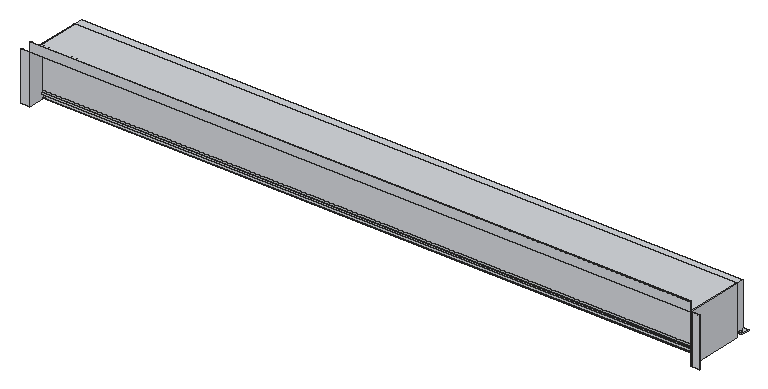
Revit family "EOS3.0-R-P", category Lighting Fixtures, host Face, Revit 2018
Family settings
  Host = Face
  Round Connector Dimension = Use Diameter
  Part Type = Normal
  Cut with Voids When Loaded = No
  Light Source = Yes
  Shared = Yes
  Room Calculation Point = Yes
Parameters (values of type "4' Direct")
  Wattage = 17.6471 W
  built-in parameter 1150110 = 1 (stored number, unit not read)
  Voltage = 0 V
  built-in parameter 1114217 = 1 (stored number, unit not read)
  built-in parameter 1150109 = 1 (stored number, unit not read)
  built-in parameter 1150134 = 12
  Switch Leg Visibility = yes
  Switch Leg [instance] = ""
  built-in parameter 1150113 = 1 (stored number, unit not read)
  Regress = 0' - 1"
  Material [instance] = LUX ILLUMINAIRE White
  built-in parameter 1150105 = 477.46 (stored number, unit not read)
  Lumens = 1500 lm
  built-in parameter 1150115 = 1 (stored number, unit not read)
  Light Source Symbol Size = 2' - 0"
  built-in parameter 1150137 = (empty or 0)
  built-in parameter 1150139 = (empty or 0)
  built-in parameter 1150112 = 1 (stored number, unit not read)
  built-in parameter 1150114 = 1 (stored number, unit not read)
  Lamp = "LED"
  built-in parameter 1150132 = 2
  built-in parameter 1150102 = (empty or 0)
  built-in parameter 1150107 = 4000 (stored number, unit not read)
  built-in parameter 1150138 = (empty or 0)
  built-in parameter 1150106 = 4.7746 (stored number, unit not read)
  Fixture Width = 0' - 3 19/128"  # constant formula
  Fixture Symbol Visiblity = yes
  Fixture Length = 3' - 11.99869"
  Fixture Height = 0' 3 11/16" + Regress  # 0' - 4 11/16"
  End Cap Right [instance] = yes
  End Cap Left [instance] = yes
  Emit from Rectangle Width = Fixture Width - 0' 0 1/4"  # 0' - 2 115/128"
  Emit from Rectangle Length = Fixture Length  # 3' - 11.99869"
  Emit Shape Visible in Rendering = yes
  Emergency Lighting [instance] = no
  built-in parameter 1150104 = 7.8968 (stored number, unit not read)
  Dimming Lamp Color Temperature Shift = <None>
  Default Elevation = 7' - 0"
  Color Filter = 16777215
  built-in parameter 1140040 [instance] = 1
  built-in parameter 1114218 = 1 (stored number, unit not read)
  built-in parameter 1150133 = 10 (stored number, unit not read)
  Apparent Load = 14.6 VA
Types (6): name | Wattage | built-in parameter 1150105 | Lumens | built-in parameter 1150106 | Fixture Length | Emit from Rectangle Length | Apparent Load
  3' Direct | 13.2353 W | 358.1 (stored number, unit not read) | 1125 lm | 3.581 (stored number, unit not read) | 3' - 0" | 3' - 0" | 11 VA
  4' Direct | 17.6471 W | 477.46 (stored number, unit not read) | 1500 lm | 4.7746 (stored number, unit not read) | 3' - 11.99869" | 3' - 11.99869" | 14.6 VA
  5' Direct | 22.0588 W | 596.83 (stored number, unit not read) | 1875 lm | 5.9683 (stored number, unit not read) | 5' - 0" | 5' - 0" | 18.2 VA
  6' Direct | 26.4706 W | 716.2 (stored number, unit not read) | 2250 lm | 7.162 (stored number, unit not read) | 6' - 0" | 6' - 0" | 21.9 VA
  7' Direct | 30.8824 W | 835.56 (stored number, unit not read) | 2625 lm | 8.3556 (stored number, unit not read) | 7' - 0" | 7' - 0" | 25.5 VA
  8' Direct | 35.2941 W | 954.93 (stored number, unit not read) | 3000 lm | 9.5493 (stored number, unit not read) | 8' - 0" | 8' - 0" | 29.2 VA
Reference planes (in)
  plane 1 "Center (Front/Back)": y = 0
  plane 2: z = 0
  plane 3 "Center (Left/Right)": x = 0
  plane 4: x = 23.99935
  plane 5: x = -23.99935
  plane 6: z = 1
  plane 7: x = 24.25261
  plane 8: x = -24.25065
  plane 9: z = 3.14844
  plane 10 "Fixture Height": y = 4.6875
  plane 11 "Center L/S": y = 1
Forms (in)
  Extrusion 1, solid, not visible
    sketch origin (0, 0, 0) x (1, 0, 0) y (0, 1, 0)
      loop
        circle (0.00029, -24) r 0.1875
    from 0 to 1
  Extrusion 2, solid, not visible
    sketch origin (0, 0, 0) x (1, 0, 0) y (0, 1, 0)
      loop
        circle (0.0005, -24) r 0.03125
    from 1 to 13.33203
  Extrusion 3, solid, not visible
    sketch origin (0, 0, 0) x (1, 0, 0) y (0, 1, 0)
      loop
        circle (0.0005, -24) r 0.18729
    from 13.33203 to 14.08203
  Extrusion 4, solid
    sketch origin (0, 0.04726, -0.00154) x (0, 1, 0) y (0, 0, 1)
      loop
        line (0.95274, 3.52498) -> (0.95274, 3.44501) -> (1.0386, 3.44499) -> (1.02063, 3.29342) -> (1.02063, 0.61759) -> (1.03865, 0.46499) -> (0.95274, 0.46499) -> (0.95274, 0.38499) -> (1.10973, 0.38499) -> (1.10973, 0.03)
        arc (1.10973, 0.03) -> (1.11851, 0.00879) -> (1.13973, 0) r 0.03
        line (1.13973, 0) -> (2.97267, 0)
        arc (2.97267, 0) -> (3.04053, 0.0281) -> (3.06867, 0.09594) r 0.096
        line (3.06867, 0.09594) -> (3.06867, 0.289)
        arc (3.06867, 0.289) -> (3.08273, 0.32294) -> (3.11667, 0.337) r 0.048
        line (3.11667, 0.337) -> (4.48733, 0.337)
        arc (4.48733, 0.337) -> (4.52127, 0.32294) -> (4.53533, 0.289) r 0.048
        line (4.53533, 0.289) -> (4.53533, 0.09609)
        arc (4.53533, 0.09609) -> (4.56341, 0.02815) -> (4.63133, 0) r 0.096
        line (4.63133, 0) -> (5.13133, 0) -> (5.13133, 0.048) -> (4.63133, 0.048)
        arc (4.63133, 0.048) -> (4.59739, 0.06206) -> (4.58333, 0.096) r 0.048
        line (4.58333, 0.096) -> (4.58333, 0.385) -> (4.64024, 0.385) -> (4.64024, 3.52498) -> (0.95274, 3.52498)
    from -23.99935 to 23.99935
  Extrusion 5, solid
    sketch origin (0, 0, 0) x (0, 1, 0) y (0, 0, 1)
      loop
        line (4.1, 3.57298) -> (0, 3.57298) -> (0, 4.18798) -> (-0.048, 4.18798) -> (-0.048, 3.52498) -> (4.1, 3.52498) -> (4.1, 3.57298)
    from -23.99935 to 23.99935
  Extrusion 6, solid, visible <- "End Cap Left"
    sketch origin (0, 0, 0) x (1, 0, 0) y (0, 1, 0)
      loop
        line (-23.99935, -0.048) -> (-23.99935, 4.10044) -> (-24.04622, 4.10044) -> (-24.04622, 0) -> (-24.6556, 0) -> (-24.6556, -0.048) -> (-23.99935, -0.048)
    from 0 to 3.52344
  Extrusion 7, solid, visible <- "End Cap Right"
    sketch origin (0, 0, 0) x (-1, 0, 0) y (0, -1, 0)
      loop
        line (-23.99935, 0.048) -> (-24.6556, 0.048) -> (-24.6556, 0) -> (-24.04622, 0) -> (-24.04622, -4.10044) -> (-23.99935, -4.10044) -> (-23.99935, 0.048)
    from 0 to 3.52344
Lines and regions (in)
  symbolic lines, visible <- "Fixture Symbol Visiblity"
    curve 1: line (23.99935, 0, 3.14844) -> (-23.99935, 0, 3.14844)
    curve 2: line (23.99935, 0, 0.09334) -> (23.99935, 0, 3.14844)
    curve 3: line (-23.99935, 0, 0.09334) -> (23.99935, 0, 0.09334)
    curve 4: line (-23.99935, 0, 3.14844) -> (-23.99935, 0, 0.09334)
Dimensions and locks (in)
  plane 5 to plane 4 = 3' - 11.99869"
  plane 4 to plane 5 = 3' - 11.99869"
  equal spacing: plane 4, plane 3 "Center (Left/Right)", plane 5
  "Fixture Length": plane 4 to plane 5
  plane 7 to plane 4 = 0' - 0.25327"
  plane 5 to plane 8 = 0' - 0.25131"
  plane 9 to level = 0' - 3 19/128"
  "Fixture Width": level to plane 9
  "Fixture Height": plane 10 "Fixture Height" to plane 1 "Center (Front/Back)"
  locked: plane 10 "Fixture Height" to plane 11 "Center L/S" at 3.6875
  locked: Extrusion 4 to imposter light at 0.04026
  aligned and locked: plane 2 to host face
  aligned and locked: level to host face
  aligned and locked: plane 5 to curve 4
  aligned and locked: curve 2 to plane 4
  aligned and locked: plane 4 to nested 1
  aligned and locked: nested 1 to plane 5
  aligned and locked: nested 1 to plane 9
  aligned and locked: curve 1 to plane 9
  aligned and locked: Extrusion 4 to plane 5
  aligned and locked: plane 4 to Extrusion 4
  aligned and locked: Extrusion 4 sketch curve to plane 10 "Fixture Height"
  aligned and locked: plane 11 "Center L/S" to Extrusion 4
  aligned and locked: plane 11 "Center L/S" to Extrusion 4 sketch curve
  aligned and locked: Extrusion 4 sketch curve to plane 11 "Center L/S"
  aligned and locked: plane 4 to Extrusion 5
  aligned and locked: Extrusion 5 to plane 5
Automatic sketch dimensions
  level to curve 4 = 0' - 0.09334"
  host sketch curve to host sketch curve = 8' - 0"  (x2)
  Extrusion 4 sketch curve to Extrusion 4 sketch curve = 0' - 0"  (x18)
  Extrusion 4 sketch curve to plane 11 "Center L/S" = 0' - 0.06789"
  Extrusion 4 sketch curve to plane 11 "Center L/S" = 0' - 0.08586"
  Extrusion 4 sketch curve to plane 11 "Center L/S" = 0' - 0.08592"
  Extrusion 4 sketch curve to Extrusion 4 sketch curve = 0' - 0.07107"
  Extrusion 4 sketch curve to Extrusion 4 sketch curve = 0' - 0.03"
  level to Extrusion 4 sketch curve = 0' - 0.09446"
  plane 10 "Fixture Height" to Extrusion 4 sketch curve = 0' - 1.66757"
  Extrusion 4 sketch curve to Extrusion 4 sketch curve = 0' - 0.096"  (x2)
  Extrusion 4 sketch curve to Extrusion 4 sketch curve = 0' - 0.048"  (x2)
  plane 10 "Fixture Height" to Extrusion 4 sketch curve = 0' - 0.15291"
  plane 10 "Fixture Height" to Extrusion 4 sketch curve = 0' - 0.10491"
  Extrusion 4 sketch curve to Extrusion 4 sketch curve = 0' - 0.05691"
  plane 10 "Fixture Height" to Extrusion 4 sketch curve = 0' - 0.00891"
  Extrusion 4 sketch curve to level = 0' - 0.00154"
  Extrusion 4 sketch curve to plane 10 "Fixture Height" = 0' - 0.49109"
  level to Extrusion 4 sketch curve = 0' - 0.02846"
  level to Extrusion 4 sketch curve = 0' - 0.04646"
  level to Extrusion 4 sketch curve = 0' - 0.0944"
  Extrusion 4 sketch curve to Extrusion 4 sketch curve = 0' - 0.00009"
  Extrusion 4 sketch curve to Extrusion 4 sketch curve = 0' - 0.19291"
  Extrusion 4 sketch curve to Extrusion 4 sketch curve = 0' - 0.19306"
  Extrusion 4 sketch curve to Extrusion 4 sketch curve = 0' - 0.35499"
  Extrusion 4 sketch curve to Extrusion 4 sketch curve = 0' - 0.08"
  Extrusion 4 sketch curve to Extrusion 4 sketch curve = 0' - 0.1526"
  plane 9 to Extrusion 4 sketch curve = 0' - 0.14344"
  Extrusion 4 sketch curve to Extrusion 4 sketch curve = 0' - 0.15157"
  plane 9 to Extrusion 4 sketch curve = 0' - 0 3/8"
  Extrusion 5 sketch curve to plane 1 "Center (Front/Back)" = 0' - 0"
  Extrusion 5 sketch curve to Extrusion 5 sketch curve = 0' - 0.048"  (x2)
  plane 10 "Fixture Height" to Extrusion 5 sketch curve = 0' - 0.5875"
  plane 9 to Extrusion 5 sketch curve = 0' - 0.37654"
  Extrusion 5 sketch curve to Extrusion 5 sketch curve = 0' - 0.615"
  plane 1 "Center (Front/Back)" to Extrusion 6 sketch curve = 0' - 0"
  Extrusion 6 sketch curve to plane 5 = 0' - 0"
  Extrusion 6 sketch curve to plane 5 = 0' - 0 3/64"
  Extrusion 6 sketch curve to plane 8 = 0' - 0.40494"
  plane 1 "Center (Front/Back)" to Extrusion 6 sketch curve = 0' - 0.048"
  plane 10 "Fixture Height" to Extrusion 6 sketch curve = 0' - 0.58706"
  Extrusion 7 sketch curve to plane 1 "Center (Front/Back)" = 0' - 0"
  Extrusion 7 sketch curve to plane 1 "Center (Front/Back)" = 0' - 0.048"
  Extrusion 7 sketch curve to plane 7 = 0' - 0.40298"
  Extrusion 7 sketch curve to plane 4 = 0' - 0 3/64"
  plane 4 to Extrusion 7 sketch curve = 0' - 0"
  Extrusion 7 sketch curve to plane 10 "Fixture Height" = 0' - 0.58707"
  radius of Extrusion 1 sketch curve = 0' - 0 3/16"
  radius of Extrusion 2 sketch curve = 0' - 0 1/32"
  radius of Extrusion 3 sketch curve = 0' - 0.18729"
Nested families (in)
  nested 1: "Emergency Symbol Rectangle" at (0.00065, 0, -9.29849) x (-1, 0, 0) z (0, -1, 0), visible <- "Emergency Lighting", type "Emergency Symbol Rectangle"
    with Width 0' - 9.39386", Length 3' - 11.99869"
Definition of nested family "Emergency Symbol Rectangle"
  Parameters (values of type "Emergency Symbol Rectangle")
    Width [instance] = 0' - 8 1/2"
    Length [instance] = 5' - 0"
    Emergency Visibility = no
  Reference planes (in)
    plane 1 "Center (Front/Back)": y = -7.75
    plane 2: z = 0
    plane 3 "Center (Left/Right)": x = -24
    plane 4: x = 24
    plane 5: x = -36
    plane 6: y = -3.5
    plane 7: y = -12
  Lines and regions (in)
    Filled region 1, type "Solid Fill - Black", in view "Ref. Level", detail levels coarse+medium
      outline origin (0, 0.25, 0) x (1, 0, 0) y (0, 1, 0)
        loop
          line (-36, -12.25) -> (24, -12.25) -> (-36, -10.125) -> (-36, -12.25)
  Dimensions and locks (in)
    equal spacing: plane 7, plane 1 "Center (Front/Back)", plane 6
    "Width": plane 7 to plane 6
    "Length": plane 5 to plane 4
    aligned and locked: plane 5 to Filled region 1
  Automatic sketch dimensions
    plane 1 "Center (Front/Back)" to Filled region 1 sketch curve = 0' - 2 1/8"
    Filled region 1 sketch curve to plane 3 "Center (Left/Right)" = 1' - 0"
    Filled region 1 sketch curve to plane 4 = 0' - 0"
    Filled region 1 sketch curve to plane 7 = 0' - 0"
